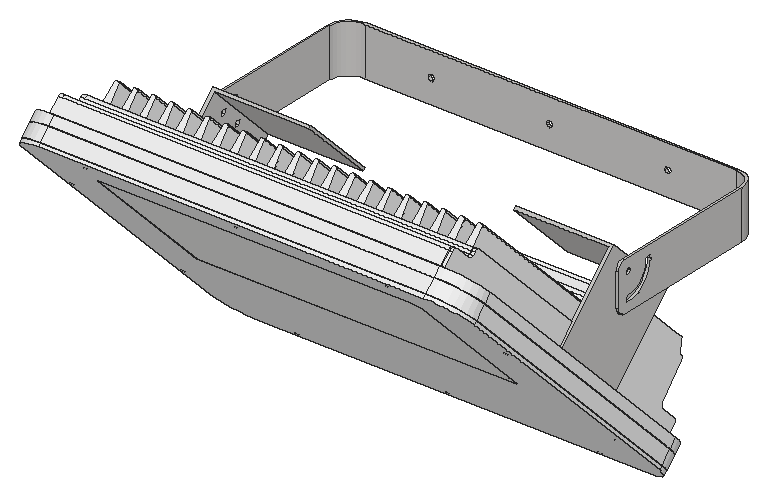
Revit family "FT ATEX LED MAX_2021", category Luminarias, Revit 2021 (continued)
Types (12, lengths in mm): name | Wattage | Power | Position | Archivo de red fotométrica | built-in parameter 1150142 | Modules | Lumens | built-in parameter 1150105 | built-in parameter 1150106 | Equiv MH
  PA104B | 45.1051 W | 48 W | 60.00° | "PA104B.ies" | "IESNA:LM-63-2002\r\n[TEST] LEDMAX 2020-1/Converted LDT Editor version 1.3.0.0 - DIAL GmbH (www.dial.de) on 05-10-2020\r\n[TESTLAB] ies2eulumdat.appspot.com\r\n[ISSUEDATE] 2020-10-06T06:27:33.677\r\n[MANUFAC] AIRFAL\r\n[LUMCAT] PA104B\r\n[LUMINAIRE] LED MAX 50W 7122lm ASIMÉTRICA\r\n[LAMPCAT] TRIDONIC LED MODULES\r\n[LAMP] TRIDONIC LED MODULES\r\nTILT=NONE\r\n1\t7122\t1\t91\t72\t1\t2\t0.223\t0.100\t0.003\r\n1.0\t1.0\t55.00\r\n0\t 2\t 4\t 6\t 8\t 10\t 12\t 14\t 16\t 18\r\n20\t 22\t 24\t 26\t 28\t 30\t 32\t 34\t 36\t 38\r\n40\t 42\t 44\t 46\t 48\t 50\t 52\t 54\t 56\t 58\r\n60\t 62\t 64\t 66\t 68\t 70\t 72\t 74\t 76\t 78\r\n80\t 82\t 84\t 86\t 88\t 90\t 92\t 94\t 96\t 98\r\n100\t 102\t 104\t 106\t 108\t 110\t 112\t 114\t 116\t 118\r\n120\t 122\t 124\t 126\t 128\t 130\t 132\t 134\t 136\t 138\r\n140\t 142\t 144\t 146\t 148\t 150\t 152\t 154\t 156\t 158\r\n160\t 162\t 164\t 166\t 168\t 170\t 172\t 174\t 176\t 178\r\n180\r\n0\t 5\t 10\t 15\t 20\t 25\t 30\t 35\t 40\t 45\r\n50\t 55\t 60\t 65\t 70\t 75\t 80\t 85\t 90\t 95\r\n100\t 105\t 110\t 115\t 120\t 125\t 130\t 135\t 140\t 145\r\n150\t 155\t 160\t 165\t 170\t 175\t 180\t 185\t 190\t 195\r\n200\t 205\t 210\t 215\t 220\t 225\t 230\t 235\t 240\t 245\r\n250\t 255\t 260\t 265\t 270\t 275\t 280\t 285\t 290\t 295\r\n300\t 305\t 310\t 315\t 320\t 325\t 330\t 335\t 340\t 345\r\n350\t 355\r\n1167.0821\t1210.3127\t1254.1842\t1302.1153\t1352.6102\t1405.0282\t1459.0841\t1509.2942\t1557.3677\t1601.5954\r\n1640.8376\t1677.3022\t1712.2712\t1745.6734\t1778.1497\t1810.5548\t1847.3044\t1885.1934\t1920.02\t1966.4554\r\n2031.6217\t2118.7238\t2226.3372\t2360.5869\t2511.2884\t2645.182\t2766.7546\t2876.3621\t3008.404\t3090.5919\r\n2768.3926\t2267.075\t1538.9218\t969.5891\t635.7809\t428.6732\t312.1573\t236.4504\t166.726\t129.9765\r\n103.4114\t81.3332\t65.5936\t54.7682\t45.5096\t36.9632\t0\t0\t0\t0\r\n0\t0\t0\t0\t0\t0\t0\t0\t0\t0\r\n0\t0\t0\t0\t0\t0\t0\t0\t0\t0\r\n0\t0\t0\t0\t0\t0\t0\t0\t0\t0\r\n0\t0\t0\t0\t0\t0\t0\t0\t0\t0\r\n0\r\n1164.9455\t1208.1761\t1251.5491\t1298.5543\t1348.6931\t1401.2535\t1453.8139\t1504.4513\t1552.9521\t1598.6041\r\n1638.3449\t1675.0944\t1709.7785\t1743.2519\t1775.2297\t1807.0651\t1844.8117\t1882.0597\t1916.5302\t1960.5442\r\n2023.8587\t2105.3344\t2207.3927\t2334.8765\t2485.4356\t2619.1155\t2737.0558\t2839.1141\t2963.7491\t3054.2697\r\n2763.5497\t2251.9052\t1592.3368\t1005.1991\t664.1977\t453.1016\t326.971\t247.4895\t174.9875\t135.3892\r\n110.6047\t88.0279\t68.7985\t56.2638\t46.3642\t37.1056\t0\t0\t0\t0\r\n0\t0\t0\t0\t0\t0\t0\t0\t0\t0\r\n0\t0\t0\t0\t0\t0\t0\t0\t0\t0\r\n0\t0\t0\t0\t0\t0\t0\t0\t0\t0\r\n0\t0\t0\t0\t0\t0\t0\t0\t0\t0\r\n0\r\n1165.1592\t1207.82\t1250.6944\t1296.9162\t1346.1292\t1397.1227\t1448.5436\t1498.8249\t1547.6818\t1592.5504\r\n1632.5761\t1669.0407\t1703.6536\t1735.9875\t1766.9682\t1798.1626\t1834.7696\t1871.3767\t1905.8472\t1945.588\r\n2002.564\t2079.624\t2173.1359\t2289.8654\t2438.2167\t2568.5493\t2678.2993\t2783.2064\t2902.4287\t3026.2802\r\n2822.7335\t2290.1503\t1706.4312\t1077.2025\t709.8497\t485.2931\t346.5565\t263.0155\t189.9437\t144.9327\r\n119.2223\t96.147\t73.9976\t59.3975\t49.4979\t40.0256\t0\t0\t0\t0\r\n0\t0\t0\t0\t0\t0\t0\t0\t0\t0\r\n0\t0\t0\t0\t0\t0\t0\t0\t0\t0\r\n0\t0\t0\t0\t0\t0\t0\t0\t0\t0\r\n0\t0\t0\t0\t0\t0\t0\t0\t0\t0\r\n0\r\n1163.165\t1205.1848\t1246.2076\t1291.1474\t1338.4375\t1387.7217\t1436.7211\t1486.0053\t1533.7939\t1578.3064\r\n1618.2608\t1655.0104\t1689.196\t1720.4615\t1751.1574\t1780.3576\t1814.4719\t1848.0878\t1879.6382\t1913.3965\r\n1959.2622\t2025.7105\t2105.5481\t2205.6122\t2344.2775\t2490.9907\t2617.335\t2727.6548\t2830.0691\t2965.6008\r\n2924.3644\t2409.7287\t1904.9926\t1242.6466\t811.908\t548.7501\t387.8641\t289.2244\t216.2951\t161.5982\r\n134.8907\t108.8242\t82.9001\t63.9556\t52.774\t44.2276\t0\t0\t0\t0\r\n0\t0\t0\t0\t0\t0\t0\t0\t0\t0\r\n0\t0\t0\t0\t0\t0\t0\t0\t0\t0\r\n0\t0\t0\t0\t0\t0\t0\t0\t0\t0\r\n0\t0\t0\t0\t0\t0\t0\t0\t0\t0\r\n0\r\n1164.3046\t1204.6863\t1244.9256\t1287.6576\t1333.1672\t1379.4602\t1427.6761\t1474.8238\t1521.1168\t1563.9912\r\n1603.3759\t1639.5556\t1672.5305\t1703.0126\t1730.8597\t1757.7096\t1788.4054\t1817.9617\t1840.0399\t1866.0352\r\n1898.8676\t1952.8524\t2033.2598\t2137.0273\t2266.9326\t2417.9902\t2549.676\t2661.2065\t2750.5876\t2874.368\r\n2962.9657\t2593.1202\t2055.8365\t1450.6802\t946.5138\t631.7214\t440.923\t321.4159\t240.0826\t179.6881\r\n149.4196\t122.356\t92.6572\t69.938\t56.2638\t46.7915\t0\t0\t0\t0\r\n0\t0\t0\t0\t0\t0\t0\t0\t0\t0\r\n0\t0\t0\t0\t0\t0\t0\t0\t0\t0\r\n0\t0\t0\t0\t0\t0\t0\t0\t0\t0\r\n0\t0\t0\t0\t0\t0\t0\t0\t0\t0\r\n0\r\n1161.8119\t1200.698\t1238.5158\t1279.2536\t1321.9144\t1365.7859\t1410.156\t1454.5261\t1499.181\t1540.7023\r\n1578.3776\t1613.774\t1646.1079\t1674.5959\t1700.3775\t1722.5981\t1746.3856\t1772.4521\t1787.4083\t1807.5636\r\n1840.396\t1891.4608\t1962.3959\t2050.0677\t2163.0226\t2306.3173\t2444.4841\t2562.7093\t2660.708\t2759.4901\r\n2914.4648\t2842.6039\t2282.1025\t1753.294\t1191.8667\t795.5986\t541.2008\t384.3743\t280.4644\t205.6121\r\n165.3728\t132.8965\t98.9246\t73.7127\t58.3292\t48.0023\t0\t0\t0\t0\r\n0\t0\t0\t0\t0\t0\t0\t0\t0\t0\r\n0\t0\t0\t0\t0\t0\t0\t0\t0\t0\r\n0\t0\t0\t0\t0\t0\t0\t0\t0\t0\r\n0\t0\t0\t0\t0\t0\t0\t0\t0\t0\r\n0\r\n1162.9514\t1199.5585\t1235.2397\t1272.6302\t1312.5134\t1352.9663\t1394.2027\t1436.0801\t1478.2423\t1517.3421\r\n1552.9521\t1585.927\t1616.4091\t1642.1195\t1664.7675\t1683.9969\t1702.8702\t1726.9426\t1741.7563\t1762.8374\r\n1786.7674\t1823.3744\t1879.6382\t1952.7812\t2047.1477\t2169.3612\t2313.0832\t2445.0538\t2562.4244\t2646.0367\r\n2765.4014\t2898.4403\t2599.8861\t2043.0169\t1533.1529\t1047.4325\t710.4907\t489.2102\t347.4112\t248.9851\r\n189.5876\t148.0664\t108.4681\t80.2649\t62.5312\t50.2813\t0\t0\t0\t0\r\n0\t0\t0\t0\t0\t0\t0\t0\t0\t0\r\n0\t0\t0\t0\t0\t0\t0\t0\t0\t0\r\n0\t0\t0\t0\t0\t0\t0\t0\t0\t0\r\n0\t0\t0\t0\t0\t0\t0\t0\t0\t0\r\n0\r\n1161.6694\t1195.9975\t1229.2572\t1263.4428\t1299.3377\t1336.657\t1374.1899\t1412.7911\t1450.2529\t1486.8599\r\n1520.9743\t1551.4565\t1579.802\t1604.3729\t1626.1663\t1643.8288\t1660.4231\t1685.4925\t1697.5287\t1713.2683\r\n1730.005\t1753.0091\t1789.7586\t1845.4526\t1917.1712\t2017.0928\t2143.081\t2291.8596\t2430.1688\t2549.8897\r\n2630.5107\t2765.6863\t2827.9325\t2447.689\t1946.3714\t1478.456\t1036.0373\t708.4966\t493.1985\t349.5478\r\n251.2642\t188.3057\t134.1785\t96.147\t71.0776\t54.056\t0\t0\t0\t0\r\n0\t0\t0\t0\t0\t0\t0\t0\t0\t0\r\n0\t0\t0\t0\t0\t0\t0\t0\t0\t0\r\n0\t0\t0\t0\t0\t0\t0\t0\t0\t0\r\n0\t0\t0\t0\t0\t0\t0\t0\t0\t0\r\n0\r\n1161.9543\t1193.6472\t1223.702\t1254.9676\t1287.3015\t1320.49\t1354.1059\t1387.9354\t1421.3375\t1454.6685\r\n1485.5068\t1514.5645\t1541.272\t1564.2049\t1584.7874\t1602.0939\t1617.5486\t1637.8463\t1649.0991\t1660.7792\r\n1670.8924\t1685.2076\t1708.5678\t1747.3115\t1805.8543\t1881.7036\t1987.4653\t2125.9882\t2282.9571\t2433.445\r\n2552.0263\t2628.2317\t2759.2765\t2763.0511\t2390.7842\t1941.8845\t1517.4845\t1097.2153\t760.772\t530.3041\r\n374.9733\t268.4282\t185.9554\t131.0448\t93.6543\t68.4424\t0\t0\t0\t0\r\n0\t0\t0\t0\t0\t0\t0\t0\t0\t0\r\n0\t0\t0\t0\t0\t0\t0\t0\t0\t0\r\n0\t0\t0\t0\t0\t0\t0\t0\t0\t0\r\n0\t0\t0\t0\t0\t0\t0\t0\t0\t0\r\n0\r\n1160.9572\t1190.2286\t1217.862\t1244.6407\t1273.4848\t1301.8304\t1331.3155\t1360.6581\t1389.5734\t1418.56\r\n1446.1221\t1472.6159\t1496.902\t1518.6953\t1538.6369\t1555.9433\t1570.401\t1586.7104\t1596.61\t1607.0081\r\n1617.4062\t1623.816\t1638.701\t1663.2719\t1702.6565\t1763.336\t1838.8292\t1947.7246\t2097.429\t2274.4819\r\n2449.2558\t2592.6217\t2681.433\t2778.9332\t2825.2262\t2535.5032\t2201.98\t1839.8975\t1316.288\t885.7631\r\n610.0705\t429.0293\t296.7737\t199.9858\t131.8994\t82.9713\t0\t0\t0\t0\r\n0\t0\t0\t0\t0\t0\t0\t0\t0\t0\r\n0\t0\t0\t0\t0\t0\t0\t0\t0\t0\r\n0\t0\t0\t0\t0\t0\t0\t0\t0\t0\r\n0\t0\t0\t0\t0\t0\t0\t0\t0\t0\r\n0\r\n1160.8148\t1187.2374\t1211.9507\t1235.2397\t1259.7394\t1284.1678\t1308.8812\t1332.455\t1358.3791\t1382.1665\r\n1405.5267\t1428.2459\t1449.7543\t1471.1203\t1489.9936\t1506.4454\t1519.7636\t1532.8681\t1549.8184\t1551.1716\r\n1563.6351\t1574.2469\t1585.927\t1601.9515\t1626.3087\t1664.4114\t1728.7231\t1812.3353\t1936.6142\t2107.6135\r\n2316.0744\t2542.6252\t2739.4773\t2868.1006\t2962.3247\t2985.3287\t2771.6687\t2384.6593\t1774.8736\t1182.252\r\n802.507\t546.2574\t364.2903\t235.1684\t148.7074\t94.0104\t0\t0\t0\t0\r\n0\t0\t0\t0\t0\t0\t0\t0\t0\t0\r\n0\t0\t0\t0\t0\t0\t0\t0\t0\t0\r\n0\t0\t0\t0\t0\t0\t0\t0\t0\t0\r\n0\t0\t0\t0\t0\t0\t0\t0\t0\t0\r\n0\r\n1159.8889\t1183.1066\t1204.5439\t1224.2006\t1243.5724\t1264.5111\t1284.3103\t1303.7533\t1324.5496\t1343.8502\r\n1362.3674\t1380.4573\t1398.9745\t1417.278\t1434.8693\t1450.7514\t1464.0695\t1475.1086\t1494.6229\t1499.822\r\n1509.7216\t1526.8856\t1535.9305\t1547.8243\t1562.4956\t1593.4763\t1640.1966\t1714.1942\t1807.9909\t1950.0036\r\n2162.8802\t2425.8956\t2719.2508\t2970.8711\t3042.5896\t3046.3643\t2998.362\t2641.4074\t2003.7747\t1369.6318\r\n901.5028\t590.8411\t379.6026\t236.8065\t143.5795\t88.0279\t0\t0\t0\t0\r\n0\t0\t0\t0\t0\t0\t0\t0\t0\t0\r\n0\t0\t0\t0\t0\t0\t0\t0\t0\t0\r\n0\t0\t0\t0\t0\t0\t0\t0\t0\t0\r\n0\t0\t0\t0\t0\t0\t0\t0\t0\t0\r\n0\r\n1160.8148\t1180.8276\t1198.4189\t1214.5859\t1229.3996\t1246.0651\t1260.9501\t1276.12\t1291.2898\t1307.2431\r\n1320.2764\t1334.1643\t1348.337\t1363.0084\t1377.466\t1391.069\t1404.2447\t1416.2809\t1431.7357\t1445.4099\r\n1462.4315\t1476.1057\t1488.2843\t1497.0444\t1516.4875\t1547.4682\t1589.8441\t1651.022\t1746.2432\t1858.6996\r\n2056.9048\t2304.3943\t2578.4489\t2833.9862\t2987.679\t3002.3503\t2801.225\t2458.372\t1890.4637\t1340.218\r\n881.9885\t550.7443\t336.3721\t203.1907\t122.9969\t77.9859\t0\t0\t0\t0\r\n0\t0\t0\t0\t0\t0\t0\t0\t0\t0\r\n0\t0\t0\t0\t0\t0\t0\t0\t0\t0\r\n0\t0\t0\t0\t0\t0\t0\t0\t0\t0\r\n0\t0\t0\t0\t0\t0\t0\t0\t0\t0\r\n0\r\n1159.3904\t1175.8422\t1189.8725\t1202.2648\t1213.4464\t1224.984\t1236.3792\t1247.4183\t1257.3179\t1267.8584\r\n1276.6185\t1286.5181\t1295.9191\t1306.246\t1317.1427\t1327.8969\t1339.9331\t1350.9722\t1364.1479\t1386.5822\r\n1402.7491\t1416.4234\t1427.6761\t1444.7689\t1470.8354\t1506.0893\t1547.8243\t1606.0822\t1698.2409\t1817.2495\r\n1982.195\t2169.7885\t2379.7451\t2564.8459\t2690.4067\t2699.0956\t2441.2079\t2066.2346\t1667.9012\t1227.4767\r\n791.4679\t486.7887\t289.2244\t167.7231\t101.7734\t66.8044\t0\t0\t0\t0\r\n0\t0\t0\t0\t0\t0\t0\t0\t0\t0\r\n0\t0\t0\t0\t0\t0\t0\t0\t0\t0\r\n0\t0\t0\t0\t0\t0\t0\t0\t0\t0\r\n0\t0\t0\t0\t0\t0\t0\t0\t0\t0\r\n0\r\n1159.8889\t1172.4236\t1183.4627\t1192.6501\t1199.0599\t1206.9653\t1214.2298\t1220.7108\t1226.266\t1231.2514\r\n1236.3792\t1242.148\t1247.5607\t1252.5461\t1260.0955\t1267.8584\t1277.0458\t1287.6576\t1301.1894\t1321.9144\r\n1335.8023\t1349.8327\t1363.2932\t1386.2261\t1417.5629\t1454.3836\t1499.8932\t1564.2049\t1647.1049\t1777.3663\r\n1902.1438\t2041.1652\t2182.9642\t2283.5981\t2312.2997\t2262.3033\t2021.5797\t1732.1416\t1434.0859\t1016.3806\r\n664.4826\t397.2652\t219.1439\t125.3472\t84.3957\t64.4541\t0\t0\t0\t0\r\n0\t0\t0\t0\t0\t0\t0\t0\t0\t0\r\n0\t0\t0\t0\t0\t0\t0\t0\t0\t0\r\n0\t0\t0\t0\t0\t0\t0\t0\t0\t0\r\n0\t0\t0\t0\t0\t0\t0\t0\t0\t0\r\n0\r\n1158.6782\t1167.5807\t1175.3437\t1180.6139\t1183.9613\t1187.7359\t1191.8667\t1194.6443\t1195.6414\t1196.4248\r\n1197.5643\t1199.0599\t1200.5555\t1202.1936\t1205.3985\t1209.8141\t1215.4405\t1224.984\t1235.667\t1251.3354\r\n1264.5111\t1274.7668\t1288.9396\t1314.009\t1344.8473\t1380.8134\t1424.9698\t1486.7887\t1568.7629\t1681.433\r\n1777.5088\t1879.0685\t1975.714\t2024.5709\t2000.4274\t1938.9645\t1747.8812\t1483.655\t1213.2327\t862.9015\r\n556.8692\t329.3213\t182.252\t113.7383\t84.9655\t65.8073\t0\t0\t0\t0\r\n0\t0\t0\t0\t0\t0\t0\t0\t0\t0\r\n0\t0\t0\t0\t0\t0\t0\t0\t0\t0\r\n0\t0\t0\t0\t0\t0\t0\t0\t0\t0\r\n0\t0\t0\t0\t0\t0\t0\t0\t0\t0\r\n0\r\n1158.0372\t1163.806\t1167.9368\t1169.0763\t1169.5748\t1169.4324\t1169.7173\t1168.7914\t1166.1563\t1163.165\r\n1160.9572\t1158.5357\t1156.684\t1154.9035\t1155.4021\t1157.2538\t1160.6723\t1165.088\t1172.3524\t1184.6023\r\n1194.4306\t1199.6297\t1213.3039\t1235.5246\t1264.2262\t1295.4206\t1332.8111\t1388.3627\t1459.6539\t1546.3999\r\n1617.6199\t1688.1277\t1755.4306\t1777.6512\t1735.489\t1659.2836\t1519.7636\t1274.4819\t990.6702\t721.5298\r\n491.0619\t312.9407\t178.05\t119.0798\t91.8738\t72.7156\t0\t0\t0\t0\r\n0\t0\t0\t0\t0\t0\t0\t0\t0\t0\r\n0\t0\t0\t0\t0\t0\t0\t0\t0\t0\r\n0\t0\t0\t0\t0\t0\t0\t0\t0\t0\r\n0\t0\t0\t0\t0\t0\t0\t0\t0\t0\r\n0\r\n1157.2538\t1159.3904\t1159.8889\t1158.0372\t1154.9035\t1151.9123\t1148.4937\t1144.2205\t1138.879\t1133.1102\r\n1127.555\t1122.5696\t1117.513\t1114.8779\t1113.1686\t1114.0232\t1110.7471\t1109.5364\t1116.9433\t1125.7033\r\n1130.4751\t1131.6146\t1142.7249\t1157.6811\t1178.4773\t1203.4043\t1231.8923\t1269.995\t1320.9886\t1382.7363\r\n1431.4508\t1472.6872\t1511.8582\t1525.39\t1488.3556\t1405.3843\t1291.5747\t1118.2964\t900.933\t695.5345\r\n521.4016\t368.8484\t233.3167\t144.1493\t115.0915\t88.6689\t0\t0\t0\t0\r\n0\t0\t0\t0\t0\t0\t0\t0\t0\t0\r\n0\t0\t0\t0\t0\t0\t0\t0\t0\t0\r\n0\t0\t0\t0\t0\t0\t0\t0\t0\t0\r\n0\t0\t0\t0\t0\t0\t0\t0\t0\t0\r\n0\r\n1166.6548\t1164.6607\t1161.0284\t1155.2596\t1147.9952\t1140.7307\t1134.1073\t1126.558\t1117.6555\t1109.1803\r\n1100.1353\t1091.945\t1084.4669\t1079.9089\t1076.4191\t1073.0717\t1063.7419\t1061.8902\t1066.8044\t1071.2912\r\n1068.7985\t1067.659\t1075.0659\t1085.8201\t1099.3519\t1114.8779\t1131.1873\t1154.405\t1186.5964\t1223.702\r\n1249.1988\t1264.2262\t1272.2741\t1268.357\t1237.0202\t1165.6577\t1067.8727\t958.8349\t828.7871\t694.8935\r\n569.3327\t449.1845\t333.5945\t232.4621\t147.283\t98.6397\t0\t0\t0\t0\r\n0\t0\t0\t0\t0\t0\t0\t0\t0\t0\r\n0\t0\t0\t0\t0\t0\t0\t0\t0\t0\r\n0\t0\t0\t0\t0\t0\t0\t0\t0\t0\r\n0\t0\t0\t0\t0\t0\t0\t0\t0\t0\r\n0\r\n1168.4353\t1163.0226\t1155.9006\t1145.8586\t1135.959\t1125.7033\t1115.6613\t1105.4768\t1094.2241\t1083.185\r\n1071.4337\t1061.2492\t1053.6999\t1047.2189\t1041.8062\t1030.7671\t1020.0128\t1019.0158\t1021.7933\t1019.5143\r\n1010.7542\t1008.9737\t1012.2499\t1019.1582\t1025.7817\t1033.331\t1042.2335\t1051.6345\t1067.018\t1083.9684\r\n1098.9958\t1097.0017\t1086.1762\t1073.7839\t1049.854\t998.0771\t928.9937\t854.4263\t771.3838\t695.3209\r\n609.4295\t527.4553\t448.686\t353.3936\t218.503\t133.7512\t0\t0\t0\t0\r\n0\t0\t0\t0\t0\t0\t0\t0\t0\t0\r\n0\t0\t0\t0\t0\t0\t0\t0\t0\t0\r\n0\t0\t0\t0\t0\t0\t0\t0\t0\t0\r\n0\t0\t0\t0\t0\t0\t0\t0\t0\t0\r\n0\r\n1172.0675\t1162.5241\t1151.6274\t1139.2351\t1125.8458\t1112.6701\t1099.8505\t1086.6748\t1073.143\t1059.896\r\n1047.0764\t1035.6812\t1027.1348\t1019.3719\t1008.4752\t993.6614\t984.0467\t980.9843\t980.1296\t973.0076\r\n961.6837\t957.4817\t956.8407\t958.1939\t957.8378\t958.55\t959.6895\t960.6866\t962.111\t964.8173\r\n971.512\t969.5891\t956.1997\t937.6113\t919.8063\t890.5349\t846.3785\t793.8181\t739.5485\t697.5287\r\n646.1791\t575.1727\t501.2464\t404.3159\t212.0219\t125.8457\t0\t0\t0\t0\r\n0\t0\t0\t0\t0\t0\t0\t0\t0\t0\r\n0\t0\t0\t0\t0\t0\t0\t0\t0\t0\r\n0\t0\t0\t0\t0\t0\t0\t0\t0\t0\r\n0\t0\t0\t0\t0\t0\t0\t0\t0\t0\r\n0\r\n1171.0705\t1158.1796\t1144.2205\t1128.837\t1112.0291\t1096.0758\t1080.5498\t1065.2375\t1049.5691\t1035.5388\r\n1021.5085\t1009.4723\t999.2878\t988.3912\t971.0847\t955.0602\t944.6621\t940.6738\t935.1186\t923.581\r\n911.6872\t906.0608\t902.9272\t900.4345\t895.8764\t888.3983\t882.3446\t875.9348\t869.5962\t863.5425\r\n863.1864\t865.8928\t859.1269\t842.1053\t825.0837\t803.8601\t777.2951\t745.6022\t719.2508\t700.6624\r\n665.0524\t583.7191\t474.1828\t369.703\t202.4785\t107.8271\t0\t0\t0\t0\r\n0\t0\t0\t0\t0\t0\t0\t0\t0\t0\r\n0\t0\t0\t0\t0\t0\t0\t0\t0\t0\r\n0\t0\t0\t0\t0\t0\t0\t0\t0\t0\r\n0\t0\t0\t0\t0\t0\t0\t0\t0\t0\r\n0\r\n1171.9251\t1155.6869\t1138.9502\t1120.433\t1100.8475\t1082.4728\t1064.6678\t1047.3613\t1030.2685\t1014.4577\r\n999.5727\t984.9014\t974.3608\t957.1968\t937.0415\t919.8063\t907.5565\t901.1467\t892.0305\t876.8606\r\n863.6849\t857.56\t851.8624\t844.4555\t838.6155\t829.9267\t819.3149\t808.6319\t798.3762\t788.3342\r\n780.2863\t782.2805\t780.0727\t772.3809\t758.493\t743.8217\t730.646\t715.3337\t706.36\t687.5579\r\n644.6834\t566.6975\t459.5114\t288.5834\t141.158\t68.3\t0\t0\t0\t0\r\n0\t0\t0\t0\t0\t0\t0\t0\t0\t0\r\n0\t0\t0\t0\t0\t0\t0\t0\t0\t0\r\n0\t0\t0\t0\t0\t0\t0\t0\t0\t0\r\n0\t0\t0\t0\t0\t0\t0\t0\t0\t0\r\n0\r\n1172.3524\t1152.6245\t1132.8253\t1111.7442\t1088.8114\t1068.3712\t1048.9994\t1030.411\t1011.6089\t994.5873\r\n977.993\t963.1081\t947.5109\t925.7176\t903.1408\t884.1251\t869.0977\t861.4059\t846.7346\t829.5706\r\n817.0358\t808.4894\t800.8689\t792.821\t785.0581\t777.4375\t767.3955\t755.2169\t743.5368\t730.7884\r\n722.883\t719.1083\t723.8801\t725.5181\t722.3845\t718.6098\t711.7015\t703.2975\t685.9198\t647.8883\r\n591.3397\t512.6416\t401.4671\t222.4201\t88.7401\t54.4121\t0\t0\t0\t0\r\n0\t0\t0\t0\t0\t0\t0\t0\t0\t0\r\n0\t0\t0\t0\t0\t0\t0\t0\t0\t0\r\n0\t0\t0\t0\t0\t0\t0\t0\t0\t0\r\n0\t0\t0\t0\t0\t0\t0\t0\t0\t0\r\n0\r\n1172.21\t1149.4196\t1127.1989\t1104.1237\t1079.1967\t1056.8336\t1035.5388\t1014.885\t994.5873\t976.1413\r\n958.3363\t942.0269\t920.7322\t896.1613\t870.6645\t849.0136\t831.2086\t820.4544\t802.7206\t783.7049\r\n772.0248\t762.9799\t755.573\t747.3115\t739.1924\t730.2899\t719.4644\t708.0692\t698.9531\t691.7599\r\n686.1335\t683.4983\t685.6349\t692.6857\t705.3629\t714.7639\t714.9776\t702.799\t665.6933\t604.6578\r\n526.1734\t435.1542\t285.5922\t129.7628\t66.0922\t50.495\t0\t0\t0\t0\r\n0\t0\t0\t0\t0\t0\t0\t0\t0\t0\r\n0\t0\t0\t0\t0\t0\t0\t0\t0\t0\r\n0\t0\t0\t0\t0\t0\t0\t0\t0\t0\r\n0\t0\t0\t0\t0\t0\t0\t0\t0\t0\r\n0\r\n1171.7114\t1146.3571\t1121.7862\t1095.7197\t1069.1546\t1044.5837\t1020.8675\t997.5785\t976.8535\t957.1968\r\n938.1098\t918.2395\t891.7456\t863.8986\t837.6896\t813.2612\t793.8181\t780.7849\t760.4872\t741.4714\r\n729.6489\t720.5327\t712.4849\t705.2204\t695.677\t685.991\t678.3705\t672.7441\t663.4855\t653.3011\r\n650.3098\t650.4523\t657.7167\t674.3822\t701.1609\t718.8947\t726.5152\t703.796\t648.5293\t564.0624\r\n471.6188\t333.452\t173.2783\t93.868\t63.6707\t52.0618\t0\t0\t0\t0\r\n0\t0\t0\t0\t0\t0\t0\t0\t0\t0\r\n0\t0\t0\t0\t0\t0\t0\t0\t0\t0\r\n0\t0\t0\t0\t0\t0\t0\t0\t0\t0\r\n0\t0\t0\t0\t0\t0\t0\t0\t0\t0\r\n0\r\n1172.5661\t1144.0069\t1117.0145\t1088.9538\t1061.0356\t1033.9007\t1007.6918\t983.2633\t961.6124\t939.6767\r\n919.3078\t894.6656\t864.3259\t834.556\t806.4953\t780.1439\t758.1369\t743.5368\t722.242\t703.0838\r\n691.2613\t682.1452\t673.8836\t666.1919\t660.2094\t654.4406\t647.8171\t639.9117\t631.3653\t624.2433\r\n625.3116\t632.5048\t643.6151\t669.2543\t693.5404\t716.9717\t716.1171\t678.5129\t610.2842\t515.2767\r\n413.8594\t271.7043\t141.0156\t86.746\t65.5936\t53.415\t0\t0\t0\t0\r\n0\t0\t0\t0\t0\t0\t0\t0\t0\t0\r\n0\t0\t0\t0\t0\t0\t0\t0\t0\t0\r\n0\t0\t0\t0\t0\t0\t0\t0\t0\t0\r\n0\t0\t0\t0\t0\t0\t0\t0\t0\t0\r\n0\r\n1170.5719\t1140.0898\t1110.7471\t1080.6923\t1051.2072\t1021.8646\t995.0858\t970.0164\t946.1577\t922.8688\r\n899.7935\t869.1689\t836.1228\t804.6436\t774.5175\t746.1007\t724.2362\t707.8556\t686.4184\t669.468\r\n658.0728\t648.3157\t641.2649\t634.2141\t629.3711\t623.7448\t617.6911\t612.5632\t608.5749\t607.7915\r\n613.2754\t
